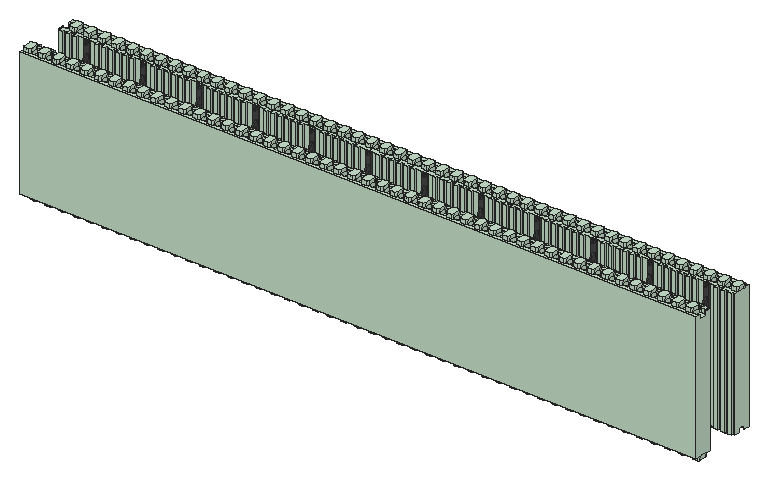
Revit family (continued)
Forms (in)
  Extrusion 44, void
    sketch origin (84, 1, 0) x (1, 0, 0) y (0, 1, 0)
      loop
        arc (1.17308, -3.73905) -> (1.04785, -3.82983) -> (1, -3.97692) r 0.25
        line (1, -3.97692) -> (1, -4.89808)
    from 18 to 17.5
  Extrusion 45, void
    sketch origin (86, 1, 0) x (1, 0, 0) y (0, 1, 0)
      loop
        arc (1, -4.89808) -> (1.04785, -5.04517) -> (1.17308, -5.13595) r 0.25
        arc (1.17308, -5.13595) -> (1.5, -5.1875) -> (1.82692, -5.13595) r 1.0625
        arc (1.82692, -5.13595) -> (1.95215, -5.04517) -> (2, -4.89808) r 0.25
        line (2, -4.89808) -> (2, -3.97692)
        arc (2, -3.97692) -> (1.98276, -3.88568) -> (1.9334, -3.80702) r 0.25
        arc (1.9334, -3.80702) -> (1.92106, -3.78736) -> (1.91675, -3.76455) r 0.0625
        line (1.91675, -3.76455) -> (1.91675, -3.41845) -> (1.74592, -3.41845) -> (1.74592, -3.64005)
        arc (1.74592, -3.64005) -> (1.72385, -3.68771) -> (1.67323, -3.70172) r 0.0625
        arc (1.67323, -3.70172) -> (1.42092, -3.69045) -> (1.17308, -3.73905) r 1.0625
        arc (1.17308, -3.73905) -> (1.04785, -3.82983) -> (1, -3.97692) r 0.25
        line (1, -3.97692) -> (1, -4.89808)
    from 18 to 17.5
  Extrusion 46, void
    sketch origin (88, 1, 0) x (1, 0, 0) y (0, 1, 0)
      loop
        arc (1, -4.89808) -> (1.04785, -5.04517) -> (1.17308, -5.13595) r 0.25
        arc (1.17308, -5.13595) -> (1.5, -5.1875) -> (1.82692, -5.13595) r 1.0625
        arc (1.82692, -5.13595) -> (1.95215, -5.04517) -> (2, -4.89808) r 0.25
        line (2, -4.89808) -> (2, -3.97692)
        arc (2, -3.97692) -> (1.98276, -3.88568) -> (1.9334, -3.80702) r 0.25
        arc (1.9334, -3.80702) -> (1.92106, -3.78736) -> (1.91675, -3.76455) r 0.0625
        line (1.91675, -3.76455) -> (1.91675, -3.41845) -> (1.74592, -3.41845) -> (1.74592, -3.64005)
        arc (1.74592, -3.64005) -> (1.72385, -3.68771) -> (1.67323, -3.70172) r 0.0625
        arc (1.67323, -3.70172) -> (1.42092, -3.69045) -> (1.17308, -3.73905) r 1.0625
        arc (1.17308, -3.73905) -> (1.04785, -3.82983) -> (1, -3.97692) r 0.25
        line (1, -3.97692) -> (1, -4.89808)
    from 18 to 17.5
  Extrusion 47, void
    sketch origin (90, 1, 0) x (1, 0, 0) y (0, 1, 0)
      loop
        arc (1, -4.89808) -> (1.04785, -5.04517) -> (1.17308, -5.13595) r 0.25
        arc (1.17308, -5.13595) -> (1.5, -5.1875) -> (1.82692, -5.13595) r 1.0625
        arc (1.82692, -5.13595) -> (1.95215, -5.04517) -> (2, -4.89808) r 0.25
        line (2, -4.89808) -> (2, -3.97692)
        arc (2, -3.97692) -> (1.98276, -3.88568) -> (1.9334, -3.80702) r 0.25
        arc (1.9334, -3.80702) -> (1.92106, -3.78736) -> (1.91675, -3.76455) r 0.0625
        line (1.91675, -3.76455) -> (1.91675, -3.41845) -> (1.74592, -3.41845) -> (1.74592, -3.64005)
        arc (1.74592, -3.64005) -> (1.72385, -3.68771) -> (1.67323, -3.70172) r 0.0625
        arc (1.67323, -3.70172) -> (1.42092, -3.69045) -> (1.17308, -3.73905) r 1.0625
        arc (1.17308, -3.73905) -> (1.04785, -3.82983) -> (1, -3.97692) r 0.25
        line (1, -3.97692) -> (1, -4.89808)
    from 18 to 17.5
  Extrusion 48, void
    sketch origin (92, 1, 0) x (1, 0, 0) y (0, 1, 0)
      loop
        arc (1, -4.89808) -> (1.04785, -5.04517) -> (1.17308, -5.13595) r 0.25
        arc (1.17308, -5.13595) -> (1.5, -5.1875) -> (1.82692, -5.13595) r 1.0625
        arc (1.82692, -5.13595) -> (1.95215, -5.04517) -> (2, -4.89808) r 0.25
        line (2, -4.89808) -> (2, -3.97692)
        arc (2, -3.97692) -> (1.98276, -3.88568) -> (1.9334, -3.80702) r 0.25
        arc (1.9334, -3.80702) -> (1.92106, -3.78736) -> (1.91675, -3.76455) r 0.0625
        line (1.91675, -3.76455) -> (1.91675, -3.41845) -> (1.74592, -3.41845) -> (1.74592, -3.64005)
        arc (1.74592, -3.64005) -> (1.72385, -3.68771) -> (1.67323, -3.70172) r 0.0625
        arc (1.67323, -3.70172) -> (1.42092, -3.69045) -> (1.17308, -3.73905) r 1.0625
        arc (1.17308, -3.73905) -> (1.04785, -3.82983) -> (1, -3.97692) r 0.25
        line (1, -3.97692) -> (1, -4.89808)
    from 18 to 17.5
  Extrusion 49, void
    sketch origin (94, 1, 0) x (1, 0, 0) y (0, 1, 0)
      loop
        arc (1, -4.89808) -> (1.04785, -5.04517) -> (1.17308, -5.13595) r 0.25
        arc (1.17308, -5.13595) -> (1.5, -5.1875) -> (1.82692, -5.13595) r 1.0625
        arc (1.82692, -5.13595) -> (1.95215, -5.04517) -> (2, -4.89808) r 0.25
        line (2, -4.89808) -> (2, -3.97692)
        arc (2, -3.97692) -> (1.98276, -3.88568) -> (1.9334, -3.80702) r 0.25
        arc (1.9334, -3.80702) -> (1.92106, -3.78736) -> (1.91675, -3.76455) r 0.0625
        line (1.91675, -3.76455) -> (1.91675, -3.41845) -> (1.74592, -3.41845) -> (1.74592, -3.64005)
        arc (1.74592, -3.64005) -> (1.72385, -3.68771) -> (1.67323, -3.70172) r 0.0625
        arc (1.67323, -3.70172) -> (1.42092, -3.69045) -> (1.17308, -3.73905) r 1.0625
        arc (1.17308, -3.73905) -> (1.04785, -3.82983) -> (1, -3.97692) r 0.25
        line (1, -3.97692) -> (1, -4.89808)
    from 18 to 17.5
  Extrusion 50, void
    sketch origin (96, -1, 0) x (-1, 0, 0) y (0, -1, 0)
      loop
        arc (1, -4.89808) -> (1.04785, -5.04517) -> (1.17308, -5.13595) r 0.25
        arc (1.17308, -5.13595) -> (1.5, -5.1875) -> (1.82692, -5.13595) r 1.0625
        arc (1.82692, -5.13595) -> (1.95215, -5.04517) -> (2, -4.89808) r 0.25
        line (2, -4.89808) -> (2, -3.97692)
        arc (2, -3.97692) -> (1.98276, -3.88568) -> (1.9334, -3.80702) r 0.25
        arc (1.9334, -3.80702) -> (1.92106, -3.78736) -> (1.91675, -3.76455) r 0.0625
        line (1.91675, -3.76455) -> (1.91675, -3.41845) -> (1.74592, -3.41845) -> (1.74592, -3.64005)
        arc (1.74592, -3.64005) -> (1.72385, -3.68771) -> (1.67323, -3.70172) r 0.0625
        arc (1.67323, -3.70172) -> (1.42092, -3.69045) -> (1.17308, -3.73905) r 1.0625
        arc (1.17308, -3.73905) -> (1.04785, -3.82983) -> (1, -3.97692) r 0.25
        line (1, -3.97692) -> (1, -4.89808)
    from 18 to 17.5
  Extrusion 51, void
    sketch origin (94, -1, 0) x (-1, 0, 0) y (0, -1, 0)
      loop
        arc (1, -4.89808) -> (1.04785, -5.04517) -> (1.17308, -5.13595) r 0.25
        arc (1.17308, -5.13595) -> (1.5, -5.1875) -> (1.82692, -5.13595) r 1.0625
        arc (1.82692, -5.13595) -> (1.95215, -5.04517) -> (2, -4.89808) r 0.25
        line (2, -4.89808) -> (2, -3.97692)
        arc (2, -3.97692) -> (1.98276, -3.88568) -> (1.9334, -3.80702) r 0.25
        arc (1.9334, -3.80702) -> (1.92106, -3.78736) -> (1.91675, -3.76455) r 0.0625
        line (1.91675, -3.76455) -> (1.91675, -3.41845) -> (1.74592, -3.41845) -> (1.74592, -3.64005)
        arc (1.74592, -3.64005) -> (1.72385, -3.68771) -> (1.67323, -3.70172) r 0.0625
        arc (1.67323, -3.70172) -> (1.42092, -3.69045) -> (1.17308, -3.73905) r 1.0625
        arc (1.17308, -3.73905) -> (1.04785, -3.82983) -> (1, -3.97692) r 0.25
        line (1, -3.97692) -> (1, -4.89808)
    from 18 to 17.5
  Extrusion 52, void
    sketch origin (92, -1, 0) x (-1, 0, 0) y (0, -1, 0)
      loop
        arc (1, -4.89808) -> (1.04785, -5.04517) -> (1.17308, -5.13595) r 0.25
        arc (1.17308, -5.13595) -> (1.5, -5.1875) -> (1.82692, -5.13595) r 1.0625
        arc (1.82692, -5.13595) -> (1.95215, -5.04517) -> (2, -4.89808) r 0.25
        line (2, -4.89808) -> (2, -3.97692)
        arc (2, -3.97692) -> (1.98276, -3.88568) -> (1.9334, -3.80702) r 0.25
        arc (1.9334, -3.80702) -> (1.92106, -3.78736) -> (1.91675, -3.76455) r 0.0625
        line (1.91675, -3.76455) -> (1.91675, -3.41845) -> (1.74592, -3.41845) -> (1.74592, -3.64005)
        arc (1.74592, -3.64005) -> (1.72385, -3.68771) -> (1.67323, -3.70172) r 0.0625
        arc (1.67323, -3.70172) -> (1.42092, -3.69045) -> (1.17308, -3.73905) r 1.0625
        arc (1.17308, -3.73905) -> (1.04785, -3.82983) -> (1, -3.97692) r 0.25
        line (1, -3.97692) -> (1, -4.89808)
    from 18 to 17.5
  Extrusion 53, void
    sketch origin (90, -1, 0) x (-1, 0, 0) y (0, -1, 0)
      loop
        arc (1, -4.89808) -> (1.04785, -5.04517) -> (1.17308, -5.13595) r 0.25
        arc (1.17308, -5.13595) -> (1.5, -5.1875) -> (1.82692, -5.13595) r 1.0625
        arc (1.82692, -5.13595) -> (1.95215, -5.04517) -> (2, -4.89808) r 0.25
        line (2, -4.89808) -> (2, -3.97692)
        arc (2, -3.97692) -> (1.98276, -3.88568) -> (1.9334, -3.80702) r 0.25
        arc (1.9334, -3.80702) -> (1.92106, -3.78736) -> (1.91675, -3.76455) r 0.0625
        line (1.91675, -3.76455) -> (1.91675, -3.41845) -> (1.74592, -3.41845) -> (1.74592, -3.64005)
        arc (1.74592, -3.64005) -> (1.72385, -3.68771) -> (1.67323, -3.70172) r 0.0625
        arc (1.67323, -3.70172) -> (1.42092, -3.69045) -> (1.17308, -3.73905) r 1.0625
        arc (1.17308, -3.73905) -> (1.04785, -3.82983) -> (1, -3.97692) r 0.25
        line (1, -3.97692) -> (1, -4.89808)
    from 18 to 17.5
  Extrusion 54, void
    sketch origin (88, -1, 0) x (-1, 0, 0) y (0, -1, 0)
      loop
        arc (1, -4.89808) -> (1.04785, -5.04517) -> (1.17308, -5.13595) r 0.25
        arc (1.17308, -5.13595) -> (1.5, -5.1875) -> (1.82692, -5.13595) r 1.0625
        arc (1.82692, -5.13595) -> (1.95215, -5.04517) -> (2, -4.89808) r 0.25
        line (2, -4.89808) -> (2, -3.97692)
        arc (2, -3.97692) -> (1.98276, -3.88568) -> (1.9334, -3.80702) r 0.25
        arc (1.9334, -3.80702) -> (1.92106, -3.78736) -> (1.91675, -3.76455) r 0.0625
        line (1.91675, -3.76455) -> (1.91675, -3.41845) -> (1.74592, -3.41845) -> (1.74592, -3.64005)
        arc (1.74592, -3.64005) -> (1.72385, -3.68771) -> (1.67323, -3.70172) r 0.0625
        arc (1.67323, -3.70172) -> (1.42092, -3.69045) -> (1.17308, -3.73905) r 1.0625
        arc (1.17308, -3.73905) -> (1.04785, -3.82983) -> (1, -3.97692) r 0.25
        line (1, -3.97692) -> (1, -4.89808)
    from 18 to 17.5
  Extrusion 55, void
    sketch origin (86, -1, 0) x (-1, 0, 0) y (0, -1, 0)
      loop
        arc (1, -4.89808) -> (1.04785, -5.04517) -> (1.17308, -5.13595) r 0.25
        arc (1.17308, -5.13595) -> (1.5, -5.1875) -> (1.82692, -5.13595) r 1.0625
        arc (1.82692, -5.13595) -> (1.95215, -5.04517) -> (2, -4.89808) r 0.25
        line (2, -4.89808) -> (2, -3.97692)
        arc (2, -3.97692) -> (1.98276, -3.88568) -> (1.9334, -3.80702) r 0.25
        arc (1.9334, -3.80702) -> (1.92106, -3.78736) -> (1.91675, -3.76455) r 0.0625
        line (1.91675, -3.76455) -> (1.91675, -3.41845) -> (1.74592, -3.41845) -> (1.74592, -3.64005)
        arc (1.74592, -3.64005) -> (1.72385, -3.68771) -> (1.67323, -3.70172) r 0.0625
        arc (1.67323, -3.70172) -> (1.42092, -3.69045) -> (1.17308, -3.73905) r 1.0625
        arc (1.17308, -3.73905) -> (1.04785, -3.82983) -> (1, -3.97692) r 0.25
        line (1, -3.97692) -> (1, -4.89808)
    from 18 to 17.5
  Extrusion 56, void
    sketch origin (84, -1, 0) x (-1, 0, 0) y (0, -1, 0)
      loop
        arc (1, -4.89808) -> (1.04785, -5.04517) -> (1.17308, -5.13595) r 0.25
        arc (1.17308, -5.13595) -> (1.5, -5.1875) -> (1.82692, -5.13595) r 1.0625
        arc (1.82692, -5.13595) -> (1.95215, -5.04517) -> (2, -4.89808) r 0.25
        line (2, -4.89808) -> (2, -3.97692)
        arc (2, -3.97692) -> (1.98276, -3.88568) -> (1.9334, -3.80702) r 0.25
        arc (1.9334, -3.80702) -> (1.92106, -3.78736) -> (1.91675, -3.76455) r 0.0625
        line (1.91675, -3.76455) -> (1.91675, -3.41845) -> (1.74592, -3.41845) -> (1.74592, -3.64005)
        arc (1.74592, -3.64005) -> (1.72385, -3.68771) -> (1.67323, -3.70172) r 0.0625
        arc (1.67323, -3.70172) -> (1.42092, -3.69045) -> (1.17308, -3.73905) r 1.0625
        arc (1.17308, -3.73905) -> (1.04785, -3.82983) -> (1, -3.97692) r 0.25
        line (1, -3.97692) -> (1, -4.89808)
    from 18 to 17.5
  Extrusion 57, void
    sketch origin (82, -1, 0) x (-1, 0, 0) y (0, -1, 0)
      loop
        arc (1, -4.89808) -> (1.04785, -5.04517) -> (1.17308, -5.13595) r 0.25
        arc (1.17308, -5.13595) -> (1.5, -5.1875) -> (1.82692, -5.13595) r 1.0625
        arc (1.82692, -5.13595) -> (1.95215, -5.04517) -> (2, -4.89808) r 0.25
        line (2, -4.89808) -> (2, -3.97692)
        arc (2, -3.97692) -> (1.98276, -3.88568) -> (1.9334, -3.80702) r 0.25
        arc (1.9334, -3.80702) -> (1.92106, -3.78736) -> (1.91675, -3.76455) r 0.0625
        line (1.91675, -3.76455) -> (1.91675, -3.41845) -> (1.74592, -3.41845) -> (1.74592, -3.64005)
        arc (1.74592, -3.64005) -> (1.72385, -3.68771) -> (1.67323, -3.70172) r 0.0625
        arc (1.67323, -3.70172) -> (1.42092, -3.69045) -> (1.17308, -3.73905) r 1.0625
        arc (1.17308, -3.73905) -> (1.04785, -3.82983) -> (1, -3.97692) r 0.25
        line (1, -3.97692) -> (1, -4.89808)
    from 18 to 17.5
  Extrusion 58, void
    sketch origin (80, -1, 0) x (-1, 0, 0) y (0, -1, 0)
      loop
        arc (1, -4.89808) -> (1.04785, -5.04517) -> (1.17308, -5.13595) r 0.25
        arc (1.17308, -5.13595) -> (1.5, -5.1875) -> (1.82692, -5.13595) r 1.0625
        arc (1.82692, -5.13595) -> (1.95215, -5.04517) -> (2, -4.89808) r 0.25
        line (2, -4.89808) -> (2, -3.97692)
        arc (2, -3.97692) -> (1.98276, -3.88568) -> (1.9334, -3.80702) r 0.25
        arc (1.9334, -3.80702) -> (1.92106, -3.78736) -> (1.91675, -3.76455) r 0.0625
        line (1.91675, -3.76455) -> (1.91675, -3.41845) -> (1.74592, -3.41845) -> (1.74592, -3.64005)
        arc (1.74592, -3.64005) -> (1.72385, -3.68771) -> (1.67323, -3.70172) r 0.0625
        arc (1.67323, -3.70172) -> (1.42092, -3.69045) -> (1.17308, -3.73905) r 1.0625
        arc (1.17308, -3.73905) -> (1.04785, -3.82983) -> (1, -3.97692) r 0.25
        line (1, -3.97692) -> (1, -4.89808)
    from 18 to 17.5
  Extrusion 59, void
    sketch origin (78, -1, 0) x (-1, 0, 0) y (0, -1, 0)
      loop
        arc (1, -4.89808) -> (1.04785, -5.04517) -> (1.17308, -5.13595) r 0.25
        arc (1.17308, -5.13595) -> (1.5, -5.1875) -> (1.82692, -5.13595) r 1.0625
        arc (1.82692, -5.13595) -> (1.95215, -5.04517) -> (2, -4.89808) r 0.25
        line (2, -4.89808) -> (2, -3.97692)
        arc (2, -3.97692) -> (1.98276, -3.88568) -> (1.9334, -3.80702) r 0.25
        arc (1.9334, -3.80702) -> (1.92106, -3.78736) -> (1.91675, -3.76455) r 0.0625
        line (1.91675, -3.76455) -> (1.91675, -3.41845) -> (1.74592, -3.41845) -> (1.74592, -3.64005)
        arc (1.74592, -3.64005) -> (1.72385, -3.68771) -> (1.67323, -3.70172) r 0.0625
        arc (1.67323, -3.70172) -> (1.42092, -3.69045) -> (1.17308, -3.73905) r 1.0625
        arc (1.17308, -3.73905) -> (1.04785, -3.82983) -> (1, -3.97692) r 0.25
        line (1, -3.97692) -> (1, -4.89808)
    from 18 to 17.5
  Extrusion 60, void
    sketch origin (76, -1, 0) x (-1, 0, 0) y (0, -1, 0)
      loop
        arc (1, -4.89808) -> (1.04785, -5.04517) -> (1.17308, -5.13595) r 0.25
        arc (1.17308, -5.13595) -> (1.5, -5.1875) -> (1.82692, -5.13595) r 1.0625
        arc (1.82692, -5.13595) -> (1.95215, -5.04517) -> (2, -4.89808) r 0.25
        line (2, -4.89808) -> (2, -3.97692)
        arc (2, -3.97692) -> (1.98276, -3.88568) -> (1.9334, -3.80702) r 0.25
        arc (1.9334, -3.80702) -> (1.92106, -3.78736) -> (1.91675, -3.76455) r 0.0625
        line (1.91675, -3.76455) -> (1.91675, -3.41845) -> (1.74592, -3.41845) -> (1.74592, -3.64005)
        arc (1.74592, -3.64005) -> (1.72385, -3.68771) -> (1.67323, -3.70172) r 0.0625
        arc (1.67323, -3.70172) -> (1.42092, -3.69045) -> (1.17308, -3.73905) r 1.0625
        arc (1.17308, -3.73905) -> (1.04785, -3.82983) -> (1, -3.97692) r 0.25
        line (1, -3.97692) -> (1, -4.89808)
    from 18 to 17.5
  Extrusion 61, void
    sketch origin (74, -1, 0) x (-1, 0, 0) y (0, -1, 0)
      loop
        arc (1, -4.89808) -> (1.04785, -5.04517) -> (1.17308, -5.13595) r 0.25
        arc (1.17308, -5.13595) -> (1.5, -5.1875) -> (1.82692, -5.13595) r 1.0625
        arc (1.82692, -5.13595) -> (1.95215, -5.04517) -> (2, -4.89808) r 0.25
        line (2, -4.89808) -> (2, -3.97692)
        arc (2, -3.97692) -> (1.98276, -3.88568) -> (1.9334, -3.80702) r 0.25
        arc (1.9334, -3.80702) -> (1.92106, -3.78736) -> (1.91675, -3.76455) r 0.0625
        line (1.91675, -3.76455) -> (1.91675, -3.41845) -> (1.74592, -3.41845) -> (1.74592, -3.64005)
        arc (1.74592, -3.64005) -> (1.72385, -3.68771) -> (1.67323, -3.70172) r 0.0625
        arc (1.67323, -3.70172) -> (1.42092, -3.69045) -> (1.17308, -3.73905) r 1.0625
        arc (1.17308, -3.73905) -> (1.04785, -3.82983) -> (1, -3.97692) r 0.25
        line (1, -3.97692) -> (1, -4.89808)
    from 18 to 17.5
  Extrusion 62, void
    sketch origin (72, -1, 0) x (-1, 0, 0) y (0, -1, 0)
      loop
        arc (1, -4.89808) -> (1.04785, -5.04517) -> (1.17308, -5.13595) r 0.25
        arc (1.17308, -5.13595) -> (1.5, -5.1875) -> (1.82692, -5.13595) r 1.0625
        arc (1.82692, -5.13595) -> (1.95215, -5.04517) -> (2, -4.89808) r 0.25
        line (2, -4.89808) -> (2, -3.97692)
        arc (2, -3.97692) -> (1.98276, -3.88568) -> (1.9334, -3.80702) r 0.25
        arc (1.9334, -3.80702) -> (1.92106, -3.78736) -> (1.91675, -3.76455) r 0.0625
        line (1.91675, -3.76455) -> (1.91675, -3.41845) -> (1.74592, -3.41845) -> (1.74592, -3.64005)
        arc (1.74592, -3.64005) -> (1.72385, -3.68771) -> (1.67323, -3.70172) r 0.0625
        arc (1.67323, -3.70172) -> (1.42092, -3.69045) -> (1.17308, -3.73905) r 1.0625
        arc (1.17308, -3.73905) -> (1.04785, -3.82983) -> (1, -3.97692) r 0.25
        line (1, -3.97692) -> (1, -4.89808)
    from 18 to 17.5
  Extrusion 63, void
    sketch origin (70, -1, 0) x (-1, 0, 0) y (0, -1, 0)
      loop
        arc (1, -4.89808) -> (1.04785, -5.04517) -> (1.17308, -5.13595) r 0.25
        arc (1.17308, -5.13595) -> (1.5, -5.1875) -> (1.82692, -5.13595) r 1.0625
        arc (1.82692, -5.13595) -> (1.95215, -5.04517) -> (2, -4.89808) r 0.25
        line (2, -4.89808) -> (2, -3.97692)
        arc (2, -3.97692) -> (1.98276, -3.88568) -> (1.9334, -3.80702) r 0.25
        arc (1.9334, -3.80702) -> (1.92106, -3.78736) -> (1.91675, -3.76455) r 0.0625
        line (1.91675, -3.76455) -> (1.91675, -3.41845) -> (1.74592, -3.41845) -> (1.74592, -3.64005)
        arc (1.74592, -3.64005) -> (1.72385, -3.68771) -> (1.67323, -3.70172) r 0.0625
        arc (1.67323, -3.70172) -> (1.42092, -3.69045) -> (1.17308, -3.73905) r 1.0625
        arc (1.17308, -3.73905) -> (1.04785, -3.82983) -> (1, -3.97692) r 0.25
        line (1, -3.97692) -> (1, -4.89808)
    from 18 to 17.5
  Extrusion 64, void
    sketch origin (68, -1, 0) x (-1, 0, 0) y (0, -1, 0)
      loop
        arc (1, -4.89808) -> (1.04785, -5.04517) -> (1.17308, -5.13595) r 0.25
        arc (1.17308, -5.13595) -> (1.5, -5.1875) -> (1.82692, -5.13595) r 1.0625
        arc (1.82692, -5.13595) -> (1.95215, -5.04517) -> (2, -4.89808) r 0.25
        line (2, -4.89808) -> (2, -3.97692)
        arc (2, -3.97692) -> (1.98276, -3.88568) -> (1.9334, -3.80702) r 0.25
        arc (1.9334, -3.80702) -> (1.92106, -3.78736) -> (1.91675, -3.76455) r 0.0625
        line (1.91675, -3.76455) -> (1.91675, -3.41845) -> (1.74592, -3.41845) -> (1.74592, -3.64005)
        arc (1.74592, -3.64005) -> (1.72385, -3.68771) -> (1.67323, -3.70172) r 0.0625
        arc (1.67323, -3.70172) -> (1.42092, -3.69045) -> (1.17308, -3.73905) r 1.0625
        arc (1.17308, -3.73905) -> (1.04785, -3.82983) -> (1, -3.97692) r 0.25
        line (1, -3.97692) -> (1, -4.89808)
    from 18 to 17.5
  Extrusion 65, void
    sketch origin (66, -1, 0) x (-1, 0, 0) y (0, -1, 0)
      loop
        arc (1, -4.89808) -> (1.04785, -5.04517) -> (1.17308, -5.13595) r 0.25
        arc (1.17308, -5.13595) -> (1.5, -5.1875) -> (1.82692, -5.13595) r 1.0625
        arc (1.82692, -5.13595) -> (1.95215, -5.04517) -> (2, -4.89808) r 0.25
        line (2, -4.89808) -> (2, -3.97692)
        arc (2, -3.97692) -> (1.98276, -3.88568) -> (1.9334, -3.80702) r 0.25
        arc (1.9334, -3.80702) -> (1.92106, -3.78736) -> (1.91675, -3.76455) r 0.0625
        line (1.91675, -3.76455) -> (1.91675, -3.41845) -> (1.74592, -3.41845) -> (1.74592, -3.64005)
        arc (1.74592, -3.64005) -> (1.72385, -3.68771) -> (1.67323, -3.70172) r 0.0625
        arc (1.67323, -3.70172) -> (1.42092, -3.69045) -> (1.17308, -3.73905) r 1.0625
        arc (1.17308, -3.73905) -> (1.04785, -3.82983) -> (1, -3.97692) r 0.25
        line (1, -3.97692) -> (1, -4.89808)
    from 18 to 17.5
  Extrusion 66, void
    sketch origin (64, -1, 0) x (-1, 0, 0) y (0, -1, 0)
      loop
        arc (1, -4.89808) -> (1.04785, -5.04517) -> (1.17308, -5.13595) r 0.25
        arc (1.17308, -5.13595) -> (1.5, -5.1875) -> (1.82692, -5.13595) r 1.0625
        arc (1.82692, -5.13595) -> (1.95215, -5.04517) -> (2, -4.89808) r 0.25
        line (2, -4.89808) -> (2, -3.97692)
        arc (2, -3.97692) -> (1.98276, -3.88568) -> (1.9334, -3.80702) r 0.25
        arc (1.9334, -3.80702) -> (1.92106, -3.78736) -> (1.91675, -3.76455) r 0.0625
        line (1.91675, -3.76455) -> (1.91675, -3.41845) -> (1.74592, -3.41845) -> (1.74592, -3.64005)
        arc (1.74592, -3.64005) -> (1.72385, -3.68771) -> (1.67323, -3.70172) r 0.0625
        arc (1.67323, -3.70172) -> (1.42092, -3.69045) -> (1.17308, -3.73905) r 1.0625
        arc (1.17308, -3.73905) -> (1.04785, -3.82983) -> (1, -3.97692) r 0.25
        line (1, -3.97692) -> (1, -4.89808)
    from 18 to 17.5
  Extrusion 67, void
    sketch origin (62, -1, 0) x (-1, 0, 0) y (0, -1, 0)
      loop
        arc (1, -4.89808) -> (1.04785, -5.04517) -> (1.17308, -5.13595) r 0.25
        arc (1.17308, -5.13595) -> (1.5, -5.1875) -> (1.82692, -5.13595) r 1.0625
        arc (1.82692, -5.13595) -> (1.95215, -5.04517) -> (2, -4.89808) r 0.25
        line (2, -4.89808) -> (2, -3.97692)
        arc (2, -3.97692) -> (1.98276, -3.88568) -> (1.9334, -3.80702) r 0.25
        arc (1.9334, -3.80702) -> (1.92106, -3.78736) -> (1.91675, -3.76455) r 0.0625
        line (1.91675, -3.76455) -> (1.91675, -3.41845) -> (1.74592, -3.41845) -> (1.74592, -3.64005)
        arc (1.74592, -3.64005) -> (1.72385, -3.68771) -> (1.67323, -3.70172) r 0.0625
        arc (1.67323, -3.70172) -> (1.42092, -3.69045) -> (1.17308, -3.73905) r 1.0625
        arc (1.17308, -3.73905) -> (1.04785, -3.82983) -> (1, -3.97692) r 0.25
        line (1, -3.97692) -> (1, -4.89808)
    from 18 to 17.5
  Extrusion 68, void
    sketch origin (60, -1, 0) x (-1, 0, 0) y (0, -1, 0)
      loop
        arc (1, -4.89808) -> (1.04785, -5.04517) -> (1.17308, -5.13595) r 0.25
        arc (1.17308, -5.13595) -> (1.5, -5.1875) -> (1.82692, -5.13595) r 1.0625
        arc (1.82692, -5.13595) -> (1.95215, -5.04517) -> (2, -4.89808) r 0.25
        line (2, -4.89808) -> (2, -3.97692)
        arc (2, -3.97692) -> (1.98276, -3.88568) -> (1.9334, -3.80702) r 0.25
        arc (1.9334, -3.80702) -> (1.92106, -3.78736) -> (1.91675, -3.76455) r 0.0625
        line (1.91675, -3.76455) -> (1.91675, -3.41845) -> (1.74592, -3.41845) -> (1.74592, -3.64005)
        arc (1.74592, -3.64005) -> (1.72385, -3.68771) -> (1.67323, -3.70172) r 0.0625
        arc (1.67323, -3.70172) -> (1.42092, -3.69045) -> (1.17308, -3.73905) r 1.0625
        arc (1.17308, -3.73905) -> (1.04785, -3.82983) -> (1, -3.97692) r 0.25
        line (1, -3.97692) -> (1, -4.89808)
    from 18 to 17.5
  Extrusion 69, void
    sketch origin (58, -1, 0) x (-1, 0, 0) y (0, -1, 0)
      loop
        arc (1, -4.89808) -> (1.04785, -5.04517) -> (1.17308, -5.13595) r 0.25
        arc (1.17308, -5.13595) -> (1.5, -5.1875) -> (1.82692, -5.13595) r 1.0625
        arc (1.82692, -5.13595) -> (1.95215, -5.04517) -> (2, -4.89808) r 0.25
        line (2, -4.89808) -> (2, -3.97692)
        arc (2, -3.97692) -> (1.98276, -3.88568) -> (1.9334, -3.80702) r 0.25
        arc (1.9334, -3.80702) -> (1.92106, -3.78736) -> (1.91675, -3.76455) r 0.0625
        line (1.91675, -3.76455) -> (1.91675, -3.41845) -> (1.74592, -3.41845) -> (1.74592, -3.64005)
        arc (1.74592, -3.64005) -> (1.72385, -3.68771) -> (1.67323, -3.70172) r 0.0625
        arc (1.67323, -3.70172) -> (1.42092, -3.69045) -> (1.17308, -3.73905) r 1.0625
        arc (1.17308, -3.73905) -> (1.04785, -3.82983) -> (1, -3.97692) r 0.25
        line (1, -3.97692) -> (1, -4.89808)
    from 18 to 17.5
  Extrusion 70, void
    sketch origin (56, -1, 0) x (-1, 0, 0) y (0, -1, 0)
      loop
        arc (1, -4.89808) -> (1.04785, -5.04517) -> (1.17308, -5.13595) r 0.25
        arc (1.17308, -5.13595) -> (1.5, -5.1875) -> (1.82692, -5.13595) r 1.0625
        arc (1.82692, -5.13595) -> (1.95215, -5.04517) -> (2, -4.89808) r 0.25
        line (2, -4.89808) -> (2, -3.97692)
        arc (2, -3.97692) -> (1.98276, -3.88568) -> (1.9334, -3.80702) r 0.25
        arc (1.9334, -3.80702) -> (1.92106, -3.78736) -> (1.91675, -3.76455) r 0.0625
        line (1.91675, -3.76455) -> (1.91675, -3.41845) -> (1.74592, -3.41845) -> (1.74592, -3.64005)
        arc (1.74592, -3.64005) -> (1.72385, -3.68771) -> (1.67323, -3.70172) r 0.0625
        arc (1.67323, -3.70172) -> (1.42092, -3.69045) -> (1.17308, -3.73905) r 1.0625
        arc (1.17308, -3.73905) -> (1.04785, -3.82983) -> (1, -3.97692) r 0.25
        line (1, -3.97692) -> (1, -4.89808)
    from 18 to 17.5
  Extrusion 71, void
    sketch origin (54, -1, 0) x (-1, 0, 0) y (0, -1, 0)
      loop
        arc (1, -4.89808) -> (1.04785, -5.04517) -> (1.17308, -5.13595) r 0.25
        arc (1.17308, -5.13595) -> (1.5, -5.1875) -> (1.82692, -5.13595) r 1.0625
        arc (1.82692, -5.13595) -> (1.95215, -5.04517) -> (2, -4.89808) r 0.25
        line (2, -4.89808) -> (2, -3.97692)
        arc (2, -3.97692) -> (1.98276, -3.88568) -> (1.9334, -3.80702) r 0.25
        arc (1.9334, -3.80702) -> (1.92106, -3.78736) -> (1.91675, -3.76455) r 0.0625
        line (1.91675, -3.76455) -> (1.91675, -3.41845) -> (1.74592, -3.41845) -> (1.74592, -3.64005)
        arc (1.74592, -3.64005) -> (1.72385, -3.68771) -> (1.67323, -3.70172) r 0.0625
        arc (1.67323, -3.70172) -> (1.42092, -3.69045) -> (1.17308, -3.73905) r 1.0625
        arc (1.17308, -3.73905) -> (1.04785, -3.82983) -> (1, -3.97692) r 0.25
        line (1, -3.97692) -> (1, -4.89808)
    from 18 to 17.5
  Extrusion 72, void
    sketch origin (52, -1, 0) x (-1, 0, 0) y (0, -1, 0)
      loop
        arc (1, -4.89808) -> (1.04785, -5.04517) -> (1.17308, -5.13595) r 0.25
        arc (1.17308, -5.13595) -> (1.5, -5.1875) -> (1.82692, -5.13595) r 1.0625
        arc (1.82692, -5.13595) -> (1.95215, -5.04517) -> (2, -4.89808) r 0.25
        line (2, -4.89808) -> (2, -3.97692)
        arc (2, -3.97692) -> (1.98276, -3.88568) -> (1.9334, -3.80702) r 0.25
        arc (1.9334, -3.80702) -> (1.92106, -3.78736) -> (1.91675, -3.76455) r 0.0625
        line (1.91675, -3.76455) -> (1.91675, -3.41845) -> (1.74592, -3.41845) -> (1.74592, -3.64005)
        arc (1.74592, -3.64005) -> (1.72385, -3.68771) -> (1.67323, -3.70172) r 0.0625
        arc (1.67323, -3.70172) -> (1.42092, -3.69045) -> (1.17308, -3.73905) r 1.0625
        arc (1.17308, -3.73905) -> (1.04785, -3.82983) -> (1, -3.97692) r 0.25
        line (1, -3.97692) -> (1, -4.89808)
    from 18 to 17.5
  Extrusion 73, void
    sketch origin (50, -1, 0) x (-1, 0, 0) y (0, -1, 0)
      loop
        arc (1, -4.89808) -> (1.04785, -5.04517) -> (1.17308, -5.13595) r 0.25
        arc (1.17308, -5.13595) -> (1.5, -5.1875) -> (1.82692, -5.13595) r 1.0625
        arc (1.82692, -5.13595) -> (1.95215, -5.04517) -> (2, -4.89808) r 0.25
        line (2, -4.89808) -> (2, -3.97692)
        arc (2, -3.97692) -> (1.98276, -3.88568) -> (1.9334, -3.80702) r 0.25
        arc (1.9334, -3.80702) -> (1.92106, -3.78736) -> (1.91675, -3.76455) r 0.0625
        line (1.91675, -3.76455) -> (1.91675, -3.41845) -> (1.74592, -3.41845) -> (1.74592, -3.64005)
        arc (1.74592, -3.64005) -> (1.72385, -3.68771) -> (1.67323, -3.70172) r 0.0625
        arc (1.67323, -3.70172) -> (1.42092, -3.69045) -> (1.17308, -3.73905) r 1.0625
        arc (1.17308, -3.73905) -> (1.04785, -3.82983) -> (1, -3.97692) r 0.25
        line (1, -3.97692) -> (1, -4.89808)
    from 18 to 17.5
  Extrusion 74, void
    sketch origin (48, -1, 0) x (-1, 0, 0) y (0, -1, 0)
      loop
        arc (1, -4.89808) -> (1.04785, -5.04517) -> (1.17308, -5.13595) r 0.25
        arc (1.17308, -5.13595) -> (1.5, -5.1875) -> (1.82692, -5.13595) r 1.0625
        arc (1.82692, -5.13595) -> (1.95215, -5.04517) -> (2, -4.89808) r 0.25
        line (2, -4.89808) -> (2, -3.97692)
        arc (2, -3.97692) -> (1.98276, -3.88568) -> (1.9334, -3.80702) r 0.25
        arc (1.9334, -3.80702) -> (1.92106, -3.78736) -> (1.91675, -3.76455) r 0.0625
        line (1.91675, -3.76455) -> (1.91675, -3.41845) -> (1.74592, -3.41845) -> (1.74592, -3.64005)
        arc (1.74592, -3.64005) -> (1.72385, -3.68771) -> (1.67323, -3.70172) r 0.0625
        arc (1.67323, -3.70172) -> (1.42092, -3.69045) -> (1.17308, -3.73905) r 1.0625
        arc (1.17308, -3.73905) -> (1.04785, -3.82983) -> (1, -3.97692) r 0.25
        line (1, -3.97692) -> (1, -4.89808)
    from 18 to 17.5
  Extrusion 75, void
    sketch origin (46, -1, 0) x (-1, 0, 0) y (0, -1, 0)
      loop
        arc (1, -4.89808) -> (1.04785, -5.04517) -> (1.17308, -5.13595) r 0.25
        arc (1.17308, -5.13595) -> (1.5, -5.1875) -> (1.82692, -5.13595) r 1.0625
        arc (1.82692, -5.13595) -> (1.95215, -5.04517) -> (2, -4.89808) r 0.25
        line (2, -4.89808) -> (2, -3.97692)
        arc (2, -3.97692) -> (1.98276, -3.88568) -> (1.9334, -3.80702) r 0.25
        arc (1.9334, -3.80702) -> (1.92106, -3.78736) -> (1.91675, -3.76455) r 0.0625
        line (1.91675, -3.76455) -> (1.91675, -3.41845) -> (1.74592, -3.41845) -> (1.74592, -3.64005)
        arc (1.74592, -3.64005) -> (1.72385, -3.68771) -> (1.67323, -3.70172) r 0.0625
        arc (1.67323, -3.70172) -> (1.42092, -3.69045) -> (1.17308, -3.73905) r 1.0625
        arc (1.17308, -3.73905) -> (1.04785, -3.82983) -> (1, -3.97692) r 0.25
        line (1, -3.97692) -> (1, -4.89808)
    from 18 to 17.5
  Extrusion 76, void
    sketch origin (44, -1, 0) x (-1, 0, 0) y (0, -1, 0)
      loop
        arc (1, -4.89808) -> (1.04785, -5.04517) -> (1.17308, -5.13595) r 0.25
        arc (1.17308, -5.13595) -> (1.5, -5.1875) -> (1.82692, -5.13595) r 1.0625
        arc (1.82692, -5.13595) -> (1.95215, -5.04517) -> (2, -4.89808) r 0.25
        line (2, -4.89808) -> (2, -3.97692)
        arc (2, -3.97692) -> (1.98276, -3.88568) -> (1.9334, -3.80702) r 0.25
        arc (1.9334, -3.80702) -> (1.92106, -3.78736) -> (1.91675, -3.76455) r 0.0625
        line (1.91675, -3.76455) -> (1.91675, -3.41845) -> (1.74592, -3.41845) -> (1.74592, -3.64005)
        arc (1.74592, -3.64005) -> (1.72385, -3.68771) -> (1.67323, -3.70172) r 0.0625
        arc (1.67323, -3.70172) -> (1.42092, -3.69045) -> (1.17308, -3.73905) r 1.0625
        arc (1.17308, -3.73905) -> (1.04785, -3.82983) -> (1, -3.97692) r 0.25
        line (1, -3.97692) -> (1, -4.89808)
    from 18 to 17.5
  Extrusion 77, void
    sketch origin (42, -1, 0) x (-1, 0, 0) y (0, -1, 0)
      loop
        arc (1, -4.89808) -> (1.04785, -5.04517) -> (1.17308, -5.13595) r 0.25
        arc (1.17308, -5.13595) -> (1.5, -5.1875) -> (1.82692, -5.13595) r 1.0625
        arc (1.82692, -5.13595) -> (1.95215, -5.04517) -> (2, -4.89808) r 0.25
        line (2, -4.89808) -> (2, -3.97692)
        arc (2, -3.97692) -> (1.98276, -3.88568) -> (1.9334, -3.80702) r 0.25
        arc (1.9334, -3.80702) -> (1.92106, -3.78736) -> (1.91675, -3.76455) r 0.0625
        line (1.91675, -3.76455) -> (1.91675, -3.41845) -> (1.74592, -3.41845) -> (1.74592, -3.64005)
        arc (1.74592, -3.64005) -> (1.72385, -3.68771) -> (1.67323, -3.70172) r 0.0625
        arc (1.67323, -3.70172) -> (1.42092, -3.69045) -> (1.17308, -3.73905) r 1.0625
        arc (1.17308, -3.73905) -> (1.04785, -3.82983) -> (1, -3.97692) r 0.25
        line (1, -3.97692) -> (1, -4.89808)
    from 18 to 17.5
  Extrusion 78, void
    sketch origin (40, -1, 0) x (-1, 0, 0) y (0, -1, 0)
      loop
        arc (1, -4.89808) -> (1.04785, -5.04517) -> (1.17308, -5.13595) r 0.25
        arc (1.17308, -5.13595) -> (1.5, -5.1875) -> (1.82692, -5.13595) r 1.0625
        arc (1.82692, -5.13595) -> (1.95215, -5.04517) -> (2, -4.89808) r 0.25
        line (2, -4.89808) -> (2, -3.97692)
        arc (2, -3.97692) -> (1.98276, -3.88568) -> (1.9334, -3.80702) r 0.25
        arc (1.9334, -3.80702) -> (1.92106, -3.78736) -> (1.91675, -3.76455) r 0.0625
        line (1.91675, -3.76455) -> (1.91675, -3.41845) -> (1.74592, -3.41845) -> (1.74592, -3.64005)
        arc (1.74592, -3.64005) -> (1.72385, -3.68771) -> (1.67323, -3.70172) r 0.0625
        arc (1.67323, -3.70172) -> (1.42092, -3.69045) -> (1.17308, -3.73905) r 1.0625
        arc (1.17308, -3.73905) -> (1.04785, -3.82983) -> (1, -3.97692) r 0.25
        line (1, -3.97692) -> (1, -4.89808)
    from 18 to 17.5
  Extrusion 79, void
    sketch origin (38, -1, 0) x (-1, 0, 0) y (0, -1, 0)
      loop
        arc (1, -4.89808) -> (1.04785, -5.04517) -> (1.17308, -5.13595) r 0.25
        arc (1.17308, -5.13595) -> (1.5, -5.1875) -> (1.82692, -5.13595) r 1.0625
        arc (1.82692, -5.13595) -> (1.95215, -5.04517) -> (2, -4.89808) r 0.25
        line (2, -4.89808) -> (2, -3.97692)
        arc (2, -3.97692) -> (1.98276, -3.88568) -> (1.9334, -3.80702) r 0.25
        arc (1.9334, -3.80702) -> (1.92106, -3.78736) -> (1.91675, -3.76455) r 0.0625
        line (1.91675, -3.76455) -> (1.91675, -3.41845) -> (1.74592, -3.41845) -> (1.74592, -3.64005)
        arc (1.74592, -3.64005) -> (1.72385, -3.68771) -> (1.67323, -3.70172) r 0.0625
        arc (1.67323, -3.70172) -> (1.42092, -3.69045) -> (1.17308, -3.73905) r 1.0625
        arc (1.17308, -3.73905) -> (1.04785, -3.82983) -> (1, -3.97692) r 0.25
        line (1, -3.97692) -> (1, -4.89808)
    from 18 to 17.5
  Extrusion 80, void
    sketch origin (36, -1, 0) x (-1, 0, 0) y (0, -1, 0)
      loop
        arc (1, -4.89808) -> (1.04785, -5.04517) -> (1.17308, -5.13595) r 0.25
        arc (1.17308, -5.13595) -> (1.5, -5.1875) -> (1.82692, -5.13595) r 1.0625
        arc (1.82692, -5.13595) -> (1.95215, -5.04517) -> (2, -4.89808) r 0.25
        line (2, -4.89808) -> (2, -3.97692)
        arc (2, -3.97692) -> (1.98276, -3.88568) -> (1.9334, -3.80702) r 0.25
        arc (1.9334, -3.80702) -> (1.92106, -3.78736) -> (1.91675, -3.76455) r 0.0625
        line (1.91675, -3.76455) -> (1.91675, -3.41845) -> (1.74592, -3.41845) -> (1.74592, -3.64005)
        arc (1.74592, -3.64005) -> (1.72385, -3.68771) -> (1.67323, -3.70172) r 0.0625
        arc (1.67323, -3.70172) -> (1.42092, -3.69045) -> (1.17308, -3.73905) r 1.0625
        arc (1.17308, -3.73905) -> (1.04785, -3.82983) -> (1, -3.97692) r 0.25
        line (1, -3.97692) -> (1, -4.89808)
    from 18 to 17.5
  Extrusion 81, void
    sketch origin (34, -1, 0) x (-1, 0, 0) y (0, -1, 0)
      loop
        arc (1, -4.89808) -> (1.04785, -5.04517) -> (1.17308, -5.13595) r 0.25
        arc (1.17308, -5.13595) -> (1.5, -5.1875) -> (1.82692, -5.13595) r 1.0625
        arc (1.82692, -5.13595) -> (1.95215, -5.04517) -> (2, -4.89808) r 0.25
        line (2, -4.89808) -> (2, -3.97692)
        arc (2, -3.97692) -> (1.98276, -3.88568) -> (1.9334, -3.80702) r 0.25
        arc (1.9334, -3.80702) -> (1.92106, -3.78736) -> (1.91675, -3.76455) r 0.0625
        line (1.91675, -3.76455) -> (1.91675, -3.41845) -> (1.74592, -3.41845) -> (1.74592, -3.64005)
        arc (1.74592, -3.64005) -> (1.72385, -3.68771) -> (1.67323, -3.70172) r 0.0625
        arc (1.67323, -3.70172) -> (1.42092, -3.69045) -> (1.17308, -3.73905) r 1.0625
        arc (1.17308, -3.73905) -> (1.04785, -3.82983) -> (1, -3.97692) r 0.25
        line (1, -3.97692) -> (1, -4.89808)
    from 18 to 17.5
  Extrusion 82, void
    sketch origin (32, -1, 0) x (-1, 0, 0) y (0, -1, 0)
      loop
        arc (1, -4.89808) -> (1.04785, -5.04517) -> (1.17308, -5.13595) r 0.25
        arc (1.17308, -5.13595) -> (1.5, -5.1875) -> (1.82692, -5.13595) r 1.0625
        arc (1.82692, -5.13595) -> (1.95215, -5.04517) -> (2, -4.89808) r 0.25
        line (2, -4.89808) -> (2, -3.97692)
        arc (2, -3.97692) -> (1.98276, -3.88568) -> (1.9334, -3.80702) r 0.25
        arc (1.9334, -3.80702) -> (1.92106, -3.78736) -> (1.91675, -3.76455) r 0.0625
        line (1.91675, -3.76455) -> (1.91675, -3.41845) -> (1.74592, -3.41845) -> (1.74592, -3.64005)
        arc (1.74592, -3.64005) -> (1.72385, -3.68771) -> (1.67323, -3.70172) r 0.0625
        arc (1.67323, -3.70172) -> (1.42092, -3.69045) -> (1.17308, -3.73905) r 1.0625
        arc (1.17308, -3.73905) -> (1.04785, -3.82983) -> (1, -3.97692) r 0.25
        line (1, -3.97692) -> (1, -4.89808)
    from 18 to 17.5
  Extrusion 83, void
    sketch origin (30, -1, 0) x (-1, 0, 0) y (0, -1, 0)
      loop
        arc (1, -4.89808) -> (1.04785, -5.04517) -> (1.17308, -5.13595) r 0.25
        arc (1.17308, -5.13595) -> (1.5, -5.1875) -> (1.82692, -5.13595) r 1.0625
        arc (1.82692, -5.13595) -> (1.95215, -5.04517) -> (2, -4.89808) r 0.25
        line (2, -4.89808) -> (2, -3.97692)
        arc (2, -3.97692) -> (1.98276, -3.88568) -> (1.9334, -3.80702) r 0.25
        arc (1.9334, -3.80702) -> (1.92106, -3.78736) -> (1.91675, -3.76455) r 0.0625
        line (1.91675, -3.76455) -> (1.91675, -3.41845) -> (1.74592, -3.41845) -> (1.74592, -3.64005)
        arc (1.74592, -3.64005) -> (1.72385, -3.68771) -> (1.67323, -3.70172) r 0.0625
        arc (1.67323, -3.70172) -> (1.42092, -3.69045) -> (1.17308, -3.73905) r 1.0625
        arc (1.17308, -3.73905) -> (1.04785, -3.82983) -> (1, -3.97692) r 0.25
        line (1, -3.97692) -> (1, -4.89808)
    from 18 to 17.5
  Extrusion 84, void
    sketch origin (28, -1, 0) x (-1, 0, 0) y (0, -1, 0)
      loop
        arc (1, -4.89808) -> (1.04785, -5.04517) -> (1.17308, -5.13595) r 0.25
        arc (1.17308, -5.13595) -> (1.5, -5.1875) -> (1.82692, -5.13595) r 1.0625
        arc (1.82692, -5.13595) -> (1.95215, -5.04517) -> (2, -4.89808) r 0.25
        line (2, -4.89808) -> (2, -3.97692)
        arc (2, -3.97692) -> (1.98276, -3.88568) -> (1.9334, -3.80702) r 0.25
        arc (1.9334, -3.80702) -> (1.92106, -3.78736) -> (1.91675, -3.76455) r 0.0625
        line (1.91675, -3.76455) -> (1.91675, -3.41845) -> (1.74592, -3.41845) -> (1.74592, -3.64005)
        arc (1.74592, -3.64005) -> (1.72385, -3.68771) -> (1.67323, -3.70172) r 0.0625
        arc (1.67323, -3.70172) -> (1.42092, -3.69045) -> (1.17308, -3.73905) r 1.0625
        arc (1.17308, -3.73905) -> (1.04785, -3.82983) -> (1, -3.97692) r 0.25
        line (1, -3.97692) -> (1, -4.89808)
    from 18 to 17.5
  Extrusion 85, void
    sketch origin (26, -1, 0) x (-1, 0, 0) y (0, -1, 0)
      loop
        arc (1, -4.89808) -> (1.04785, -5.04517) -> (1.17308, -5.13595) r 0.25
        arc (1.17308, -5.13595) -> (1.5, -5.1875) -> (1.82692, -5.13595) r 1.0625
        arc (1.82692, -5.13595) -> (1.95215, -5.04517) -> (2, -4.89808) r 0.25
        line (2, -4.89808) -> (2, -3.97692)
        arc (2, -3.97692) -> (1.98276, -3.88568) -> (1.9334, -3.80702) r 0.25
        arc (1.9334, -3.80702) -> (1.92106, -3.78736) -> (1.91675, -3.76455) r 0.0625
        line (1.91675, -3.76455) -> (1.91675, -3.41845) -> (1.74592, -3.41845) -> (1.74592, -3.64005)
        arc (1.74592, -3.64005) -> (1.72385, -3.68771) -> (1.67323, -3.70172) r 0.0625
        arc (1.67323, -3.70172) -> (1.42092, -3.69045) -> (1.17308, -3.73905) r 1.0625
        arc (1.17308, -3.73905) -> (1.04785, -3.82983) -> (1, -3.97692) r 0.25
        line (1, -3.97692) -> (1, -4.89808)
    from 18 to 17.5
  Extrusion 86, void
    sketch origin (24, -1, 0) x (-1, 0, 0) y (0, -1, 0)
      loop
        arc (1, -4.89808) -> (1.04785, -5.04517) -> (1.17308, -5.13595) r 0.25
        arc (1.17308, -5.13595) -> (1.5, -5.1875) -> (1.82692, -5.13595) r 1.0625
        arc (1.82692, -5.13595) -> (1.95215, -5.04517) -> (2, -4.89808) r 0.25
        line (2, -4.89808) -> (2, -3.97692)
        arc (2, -3.97692) -> (1.98276, -3.88568) -> (1.9334, -3.80702) r 0.25
        arc (1.9334, -3.80702) -> (1.92106, -3.78736) -> (1.91675, -3.76455) r 0.0625
        line (1.91675, -3.76455) -> (1.91675, -3.41845) -> (1.74592, -3.41845) -> (1.74592, -3.64005)
        arc (1.74592, -3.64005) -> (1.72385, -3.68771) -> (1.67323, -3.70172) r 0.0625
        arc (1.67323, -3.70172) -> (1.42092, -3.69045) -> (1.17308, -3.73905) r 1.0625
        arc (1.17308, -3.73905) -> (1.04785, -3.82983) -> (1, -3.97692) r 0.25
        line (1, -3.97692) -> (1, -4.89808)
    from 18 to 17.5
  Extrusion 87, void
    sketch origin (22, -1, 0) x (-1, 0, 0) y (0, -1, 0)
      loop
        arc (1, -4.89808) -> (1.04785, -5.04517) -> (1.17308, -5.13595) r 0.25
        arc (1.17308, -5.13595) -> (1.5, -5.1875) -> (1.82692, -5.13595) r 1.0625
        arc (1.82692, -5.13595) -> (1.95215, -5.04517) -> (2, -4.89808) r 0.25
        line (2, -4.89808) -> (2, -3.97692)
        arc (2, -3.97692) -> (1.98276, -3.88568) -> (1.9334, -3.80702) r 0.25
        arc (1.9334, -3.80702) -> (1.92106, -3.78736) -> (1.91675, -3.76455) r 0.0625
        line (1.91675, -3.76455) -> (1.91675, -3.41845) -> (1.74592, -3.41845) -> (1.74592, -3.64005)
        arc (1.74592, -3.64005) -> (1.72385, -3.68771) -> (1.67323, -3.70172) r 0.0625
        arc (1.67323, -3.70172) -> (1.42092, -3.69045) -> (1.17308, -3.73905) r 1.0625
        arc (1.17308, -3.73905) -> (1.04785, -3.82983) -> (1, -3.97692) r 0.25
        line (1, -3.97692) -> (1, -4.89808)
    from 18 to 17.5
  Extrusion 88, void
    sketch origin (20, -1, 0) x (-1, 0, 0) y (0, -1, 0)
      loop
        arc (1, -4.89808) -> (1.04785, -5.04517) -> (1.17308, -5.13595) r 0.25
        arc (1.17308, -5.13595) -> (1.5, -5.1875) -> (1.82692, -5.13595) r 1.0625
        arc (1.82692, -5.13595) -> (1.95215, -5.04517) -> (2, -4.89808) r 0.25
        line (2, -4.89808) -> (2, -3.97692)
        arc (2, -3.97692) -> (1.98276, -3.88568) -> (1.9334, -3.80702) r 0.25
        arc (1.9334, -3.80702) -> (1.92106, -3.78736) -> (1.91675, -3.76455) r 0.0625
        line (1.91675, -3.76455) -> (1.91675, -3.41845) -> (1.74592, -3.41845) -> (1.74592, -3.64005)
        arc (1.74592, -3.64005) -> (1.72385, -3.68771) -> (1.67323, -3.70172) r 0.0625
        arc (1.67323, -3.70172) -> (1.42092, -3.69045) -> (1.17308, -3.73905) r 1.0625
        arc (1.17308, -3.73905) -> (1.04785, -3.82983) -> (1, -3.97692) r 0.25
        line (1, -3.97692) -> (1, -4.89808)
    from 18 to 17.5
  Extrusion 89, void
    sketch origin (18, -1, 0) x (-1, 0, 0) y (0, -1, 0)
      loop
        arc (1, -4.89808) -> (1.04785, -5.04517) -> (1.17308, -5.13595) r 0.25
        arc (1.17308, -5.13595) -> (1.5, -5.1875) -> (1.82692, -5.13595) r 1.0625
        arc (1.82692, -5.13595) -> (1.95215, -5.04517) -> (2, -4.89808) r 0.25
        line (2, -4.89808) -> (2, -3.97692)
        arc (2, -3.97692) -> (1.98276, -3.88568) -> (1.9334, -3.80702) r 0.25
        arc (1.9334, -3.80702) -> (1.92106, -3.78736) -> (1.91675, -3.76455) r 0.0625
        line (1.91675, -3.76455) -> (1.91675, -3.41845) -> (1.74592, -3.41845) -> (1.74592, -3.64005)
        arc (1.74592, -3.64005) -> (1.72385, -3.68771) -> (1.67323, -3.70172) r 0.0625
        arc (1.67323, -3.70172) -> (1.42092, -3.69045) -> (1.17308, -3.73905) r 1.0625
        arc (1.17308, -3.73905) -> (1.04785, -3.82983) -> (1, -3.97692) r 0.25
        line (1, -3.97692) -> (1, -4.89808)
    from 18 to 17.5
  Extrusion 90, void
    sketch origin (16, -1, 0) x (-1, 0, 0) y (0, -1, 0)
      loop
        arc (1, -4.89808) -> (1.04785, -5.04517) -> (1.17308, -5.13595) r 0.25
        arc (1.17308, -5.13595) -> (1.5, -5.1875) -> (1.82692, -5.13595) r 1.0625
        arc (1.82692, -5.13595) -> (1.95215, -5.04517) -> (2, -4.89808) r 0.25
        line (2, -4.89808) -> (2, -3.97692)
        arc (2, -3.97692) -> (1.98276, -3.88568) -> (1.9334, -3.80702) r 0.25
        arc (1.9334, -3.80702) -> (1.92106, -3.78736) -> (1.91675, -3.76455) r 0.0625
        line (1.91675, -3.76455) -> (1.91675, -3.41845) -> (1.74592, -3.41845) -> (1.74592, -3.64005)
        arc (1.74592, -3.64005) -> (1.72385, -3.68771) -> (1.67323, -3.70172) r 0.0625
        arc (1.67323, -3.70172) -> (1.42092, -3.69045) -> (1.17308, -3.73905) r 1.0625
        arc (1.17308, -3.73905) -> (1.04785, -3.82983) -> (1, -3.97692) r 0.25
        line (1, -3.97692) -> (1, -4.89808)
    from 18 to 17.5
  Extrusion 91, void
    sketch origin (14, -1, 0) x (-1, 0, 0) y (0, -1, 0)
      loop
        arc (1, -4.89808) -> (1.04785, -5.04517) -> (1.17308, -5.13595) r 0.25
        arc (1.17308, -5.13595) -> (1.5, -5.1875) -> (1.82692, -5.13595) r 1.0625
        arc (1.82692, -5.13595) -> (1.95215, -5.04517) -> (2, -4.89808) r 0.25
        line (2, -4.89808) -> (2, -3.97692)
        arc (2, -3.97692) -> (1.98276, -3.88568) -> (1.9334, -3.80702) r 0.25
        arc (1.9334, -3.80702) -> (1.92106, -3.78736) -> (1.91675, -3.76455) r 0.0625
        line (1.91675, -3.76455) -> (1.91675, -3.41845) -> (1.74592, -3.41845) -> (1.74592, -3.64005)
        arc (1.74592, -3.64005) -> (1.72385, -3.68771) -> (1.67323, -3.70172) r 0.0625
        arc (1.67323, -3.70172) -> (1.42092, -3.69045) -> (1.17308, -3.73905) r 1.0625
        arc (1.17308, -3.73905) -> (1.04785, -3.82983) -> (1, -3.97692) r 0.25
        line (1, -3.97692) -> (1, -4.89808)
    from 18 to 17.5
  Extrusion 92, void
    sketch origin (12, -1, 0) x (-1, 0, 0) y (0, -1, 0)
      loop
        arc (1, -4.89808) -> (1.04785, -5.04517) -> (1.17308, -5.13595) r 0.25
        arc (1.17308, -5.13595) -> (1.5, -5.1875) -> (1.82692, -5.13595) r 1.0625
        arc (1.82692, -5.13595) -> (1.95215, -5.04517) -> (2, -4.89808) r 0.25
        line (2, -4.89808) -> (2, -3.97692)
        arc (2, -3.97692) -> (1.98276, -3.88568) -> (1.9334, -3.80702) r 0.25
        arc (1.9334, -3.80702) -> (1.92106, -3.78736) -> (1.91675, -3.76455) r 0.0625
        line (1.91675, -3.76455) -> (1.91675, -3.41845) -> (1.74592, -3.41845) -> (1.74592, -3.64005)
        arc (1.74592, -3.64005) -> (1.72385, -3.68771) -> (1.67323, -3.70172) r 0.0625
        arc (1.67323, -3.70172) -> (1.42092, -3.69045) -> (1.17308, -3.73905) r 1.0625
        arc (1.17308, -3.73905) -> (1.04785, -3.82983) -> (1, -3.97692) r 0.25
        line (1, -3.97692) -> (1, -4.89808)
    from 18 to 17.5
  Extrusion 93, void
    sketch origin (10, -1, 0) x (-1, 0, 0) y (0, -1, 0)
      loop
        arc (1, -4.89808) -> (1.04785, -5.04517) -> (1.17308, -5.13595) r 0.25
        arc (1.17308, -5.13595) -> (1.5, -5.1875) -> (1.82692, -5.13595) r 1.0625
        arc (1.82692, -5.13595) -> (1.95215, -5.04517) -> (2, -4.89808) r 0.25
        line (2, -4.89808) -> (2, -3.97692)
        arc (2, -3.97692) -> (1.98276, -3.88568) -> (1.9334, -3.80702) r 0.25
        arc (1.9334, -3.80702) -> (1.92106, -3.78736) -> (1.91675, -3.76455) r 0.0625
        line (1.91675, -3.76455) -> (1.91675, -3.41845) -> (1.74592, -3.41845) -> (1.74592, -3.64005)
        arc (1.74592, -3.64005) -> (1.72385, -3.68771) -> (1.67323, -3.70172) r 0.0625
        arc (1.67323, -3.70172) -> (1.42092, -3.69045) -> (1.17308, -3.73905) r 1.0625
        arc (1.17308, -3.73905) -> (1.04785, -3.82983) -> (1, -3.97692) r 0.25
        line (1, -3.97692) -> (1, -4.89808)
    from 18 to 17.5
  Extrusion 94, void
    sketch origin (8, -1, 0) x (-1, 0, 0) y (0, -1, 0)
      loop
        arc (1, -4.89808) -> (1.04785, -5.04517) -> (1.17308, -5.13595) r 0.25
        arc (1.17308, -5.13595) -> (1.5, -5.1875) -> (1.82692, -5.13595) r 1.0625
        arc (1.82692, -5.13595) -> (1.95215, -5.04517) -> (2, -4.89808) r 0.25
        line (2, -4.89808) -> (2, -3.97692)
        arc (2, -3.97692) -> (1.98276, -3.88568) -> (1.9334, -3.80702) r 0.25
        arc (1.9334, -3.80702) -> (1.92106, -3.78736) -> (1.91675, -3.76455) r 0.0625
        line (1.91675, -3.76455) -> (1.91675, -3.41845) -> (1.74592, -3.41845) -> (1.74592, -3.64005)
        arc (1.74592, -3.64005) -> (1.72385, -3.68771) -> (1.67323, -3.70172) r 0.0625
        arc (1.67323, -3.70172) -> (1.42092, -3.69045) -> (1.17308, -3.73905) r 1.0625
        arc (1.17308, -3.73905) -> (1.04785, -3.82983) -> (1, -3.97692) r 0.25
        line (1, -3.97692) -> (1, -4.89808)
    from 18 to 17.5
  Extrusion 95, void
    sketch origin (6, -1, 0) x (-1, 0, 0) y (0, -1, 0)
      loop
        arc (1, -4.89808) -> (1.04785, -5.04517) -> (1.17308, -5.13595) r 0.25
        arc (1.17308, -5.13595) -> (1.5, -5.1875) -> (1.82692, -5.13595) r 1.0625
        arc (1.82692, -5.13595) -> (1.95215, -5.04517) -> (2, -4.89808) r 0.25
        line (2, -4.89808) -> (2, -3.97692)
        arc (2, -3.97692) -> (1.98276, -3.88568) -> (1.9334, -3.80702) r 0.25
        arc (1.9334, -3.80702) -> (1.92106, -3.78736) -> (1.91675, -3.76455) r 0.0625
        line (1.91675, -3.76455) -> (1.91675, -3.41845) -> (1.74592, -3.41845) -> (1.74592, -3.64005)
        arc (1.74592, -3.64005) -> (1.72385, -3.68771) -> (1.67323, -3.70172) r 0.0625
        arc (1.67323, -3.70172) -> (1.42092, -3.69045) -> (1.17308, -3.73905) r 1.0625
        arc (1.17308, -3.73905) -> (1.04785, -3.82983) -> (1, -3.97692) r 0.25
        line (1, -3.97692) -> (1, -4.89808)
    from 18 to 17.5
  Extrusion 96, void
    sketch origin (4, -1, 0) x (-1, 0, 0) y (0, -1, 0)
      loop
        arc (1, -4.89808) -> (1.04785, -5.04517) -> (1.17308, -5.13595) r 0.25
        arc (1.17308, -5.13595) -> (1.5, -5.1875) -> (1.82692, -5.13595) r 1.0625
        arc (1.82692, -5.13595) -> (1.95215, -5.04517) -> (2, -4.89808) r 0.25
        line (2, -4.89808) -> (2, -3.97692)
        arc (2, -3.97692) -> (1.98276, -3.88568) -> (1.9334, -3.80702) r 0.25
        arc (1.9334, -3.80702) -> (1.92106, -3.78736) -> (1.91675, -3.76455) r 0.0625
        line (1.91675, -3.76455) -> (1.91675, -3.41845) -> (1.74592, -3.41845) -> (1.74592, -3.64005)
        arc (1.74592, -3.64005) -> (1.72385, -3.68771) -> (1.67323, -3.70172) r 0.0625
        arc (1.67323, -3.70172) -> (1.42092, -3.69045) -> (1.17308, -3.73905) r 1.0625
        arc (1.17308, -3.73905) -> (1.04785, -3.82983) -> (1, -3.97692) r 0.25
        line (1, -3.97692) -> (1, -4.89808)
    from 18 to 17.5
  Extrusion 97, void
    sketch origin (2, -1, 0) x (-1, 0, 0) y (0, -1, 0)
      loop
        arc (1, -4.89808) -> (1.04785, -5.04517) -> (1.17308, -5.13595) r 0.25
        arc (1.17308, -5.13595) -> (1.5, -5.1875) -> (1.82692, -5.13595) r 1.0625
        arc (1.82692, -5.13595) -> (1.95215, -5.04517) -> (2, -4.89808) r 0.25
        line (2, -4.89808) -> (2, -3.97692)
        arc (2, -3.97692) -> (1.98276, -3.88568) -> (1.9334, -3.80702) r 0.25
        arc (1.9334, -3.80702) -> (1.92106, -3.78736) -> (1.91675, -3.76455) r 0.0625
        line (1.91675, -3.76455) -> (1.91675, -3.41845) -> (1.74592, -3.41845) -> (1.74592, -3.64005)
        arc (1.74592, -3.64005) -> (1.72385, -3.68771) -> (1.67323, -3.70172) r 0.0625
        arc (1.67323, -3.70172) -> (1.42092, -3.69045) -> (1.17308, -3.73905) r 1.0625
        arc (1.17308, -3.73905) -> (1.04785, -3.82983) -> (1, -3.97692) r 0.25
        line (1, -3.97692) -> (1, -4.89808)
    from 18 to 17.5
  Extrusion 98, void
    sketch origin (2, 1, 0) x (-1, 0, 0) y (0, -1, 0)
      loop
        line (1, 4.89808) -> (1, 3.97692)
        arc (1, 3.97692) -> (1.04785, 3.82983) -> (1.17308, 3.73905) r 0.25
        arc (1.17308, 3.73905) -> (1.42092, 3.69045) -> (1.67323, 3.70172) r 1.0625
        arc (1.67323, 3.70172) -> (1.72385, 3.68771) -> (1.74592, 3.64005) r 0.0625
        line (1.74592, 3.64005) -> (1.74592, 3.41845) -> (1.91675, 3.41845) -> (1.91675, 3.76455)
        arc (1.91675, 3.76455) -> (1.92106, 3.78736) -> (1.9334, 3.80702) r 0.0625
        arc (1.9334, 3.80702) -> (1.98276, 3.88568) -> (2, 3.97692) r 0.25
        line (2, 3.97692) -> (2, 4.89808)
        arc (2, 4.89808) -> (1.95215, 5.04517) -> (1.82692, 5.13595) r 0.25
        arc (1.82692, 5.13595) -> (1.5, 5.1875) -> (1.17308, 5.13595) r 1.0625
        arc (1.17308, 5.13595) -> (1.04785, 5.04517) -> (1, 4.89808) r 0.25
    from 0 to 0.5
  Extrusion 99, void
    sketch origin (4, 1, 0) x (-1, 0, 0) y (0, -1, 0)
      loop
        line (1, 4.89808) -> (1, 3.97692)
        arc (1, 3.97692) -> (1.04785, 3.82983) -> (1.17308, 3.73905) r 0.25
        arc (1.17308, 3.73905) -> (1.42092, 3.69045) -> (1.67323, 3.70172) r 1.0625
        arc (1.67323, 3.70172) -> (1.72385, 3.68771) -> (1.74592, 3.64005) r 0.0625
        line (1.74592, 3.64005) -> (1.74592, 3.41845) -> (1.91675, 3.41845) -> (1.91675, 3.76455)
        arc (1.91675, 3.76455) -> (1.92106, 3.78736) -> (1.9334, 3.80702) r 0.0625
        arc (1.9334, 3.80702) -> (1.98276, 3.88568) -> (2, 3.97692) r 0.25
        line (2, 3.97692) -> (2, 4.89808)
        arc (2, 4.89808) -> (1.95215, 5.04517) -> (1.82692, 5.13595) r 0.25
        arc (1.82692, 5.13595) -> (1.5, 5.1875) -> (1.17308, 5.13595) r 1.0625
        arc (1.17308, 5.13595) -> (1.04785, 5.04517) -> (1, 4.89808) r 0.25
    from 0 to 0.5
  Extrusion 100, void
    sketch origin (6, 1, 0) x (-1, 0, 0) y (0, -1, 0)
      loop
        line (1, 4.89808) -> (1, 3.97692)
        arc (1, 3.97692) -> (1.04785, 3.82983) -> (1.17308, 3.73905) r 0.25
        arc (1.17308, 3.73905) -> (1.42092, 3.69045) -> (1.67323, 3.70172) r 1.0625
        arc (1.67323, 3.70172) -> (1.72385, 3.68771) -> (1.74592, 3.64005) r 0.0625
        line (1.74592, 3.64005) -> (1.74592, 3.41845) -> (1.91675, 3.41845) -> (1.91675, 3.76455)
